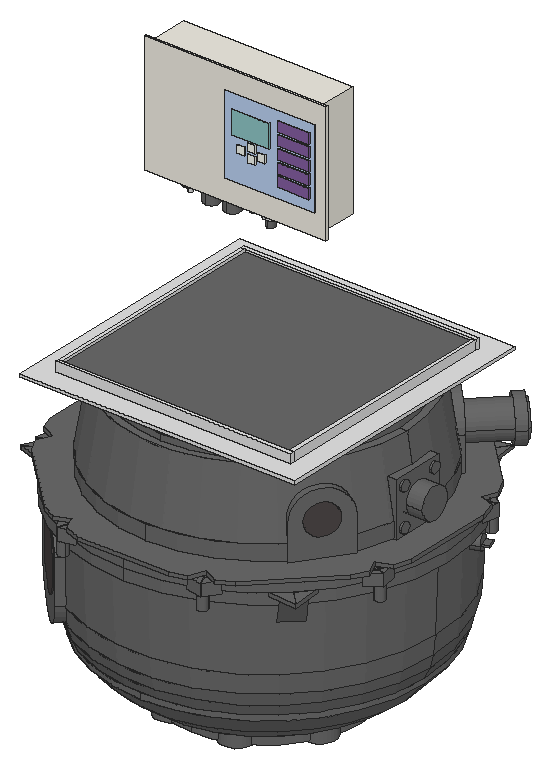
Revit family "280530s (200)", category Generic Models, Revit 2021
Family settings
  Can host rebar = No
  Round Connector Dimension = Use Diameter
  Part Type = Normal
  Work Plane-Based = No
  Always vertical = Yes
  Cut with Voids When Loaded = No
  Shared = Yes
  Room Calculation Point = No
Parameters (values of type "280530S")
  SUPPLIER = "KESSEL"
  SA700ID50 = "internal"
  SA700ID49 = "Protection Class I"
  SA700ID48 = "no"
  SA700ID47 = "no"
  SA700ID46 = "yes"
  SA700ID37 = 8000 mm
  SA700ID34 = 12
  SA700ID33 = 0.5 W
  SA700ID32 = 19.74 kg
  SA700ID31 = 1
  SA700ID30 = 2
  SA700ID29 = "RWDR"
  SA700ID21 = 800
  SA700ID10 = "No"
  SA700ID08 = 230 V
  PROCUREWEBLINK = "https://p.caden.as/kessel/280530S"
  PROCURELINK = "p.caden.as/kessel/280530S"
  PROCUREDATALASTUPDATE = "2024-05-22T12:17:25.95010823+01:00"
  PRC_SPECIFICATIONLINK = "https://ausschreiben.de/catalog/kessel/catalogItem/14b02e0f-33a5-4902-9f84-b3743318f167"
  NN = "Lifting station Aqualift S compact"
  NBSYN = "$SA810ID03. ($LODLEVEL.)"
  NB = "280530S (200)"
  Model = "280530S"
  Manufacturer = "KESSEL"
  MIdent = "{$CADENAS_DATA/23d-libs/kessel/kessel_vdi_import/4/entwaesserung/hebeanlage20aqualift20s20compact.prj},215 {STYP=ASS},{VTYP=3D},{NB=280530S (200)},{LINA=280530S},{NN=Lifting station Aqualift S compact},{DATE=21.11.2022 10:40:35},{GEOMDATE=21.11.2022 10:40:35},{VERSION=},{LINEID=20},{WBVAR=LODLEVEL},{WBNUMERIC=LODLEVEL}  {NB=280530S (200)},{LINA=280530S},{KT=DUMMY},{PREVIEW=../../bilder/ksb_w_280530s.png},{SA700ID04=Hebeanlage Aqualift S Compact, Duo, GTF 500, Bodenplatte},{SA810ID06=04026092082706},{SA700ID34=12.00},{SA010ID03=201805},{SA810ID03=280530S},{SA810ID10=Die steckerfertige Hebeanlage für fäkalienfreies Abwasser ist mit einer überflutbaren Pumpe sowie einem Rückflussverhinderer ausgestattet. Der Sammelbehälter aus dauerhaft beständigem Kunststoff (PE) besitzt einen offenen Pumpenraum. Einhandverschlüsse ermöglichen die einfache Entnahme der integrierten Komponenten. Die Anlage zum Einbau in die Bodenplatte ist vormontiert zur bauseitigen Endmontage.Die Steuerung erfolgt durch ein anwenderfreundliches Schaltgerät, das optional über einen potentialfreien Kontakt in die Gebäudeleittechnik eingebunden werden oder Alarm- und Sammelstörmeldungen über eine GSM-Schnittstelle ausgeben kann.- mit teleskopischem Aufsatzstück für stufenlosen Höhen- und Niveauausgleich und integriertem Bodenablauf- Sammelbehälter aus PE, beständig gegen aggressive Abwässer und 3 m Grundwasser- inklusive Rückflussverhinderer für die Druckleitung- inklusive Stutzen für Zulauf und Kabelleerrohr- Pumpe mit Freistromrad für höchste BetriebssicherheitAusführung:Anlagenart: DoppelanlagePumpensteuerung: SchaltgerätRückflussverhinderer: integriertAuslieferungszustand: installationsfertig (Verbindungsteile sind bauseits anzuschließen)Einbausituation: Einbau in die BodenplatteAbwasserart: fäkalienfreiAllgemeine Merkmale:Farbe: schwarzNorm: EN 12050-2Abmessungen:Länge: 617 mmBreite: 585 mmBehälter/Grundkörper:Zulauf Nennweite (DN): 100 mmDruckabgang (DN): 32 mmDruckabgang (DA): 40 mmEinbautiefe: 490 - 620 mmNutzvolumen: 20 lArt der Höhenverstellbarkeit: teleskopisches AufsatzstückAbdeckungsmerkmale:Abdeckungsart: Abdeckplatte mit SchlitzrostAbdeckung Material: KunststoffAbdeckung Farbe: schwarzBelastungsklasse: K 3 (EN 1253-1)Länge: 366 mmBreite: 366 mmVerriegelung: Lock & LiftFreier Kugeldurchgang: 10 mmFördereinrichtung:Pumpe: GTF 500Anzahl Pumpen: 2Förderleistung max.: 10 m3/hFörderhöhe max.: 8 mBetriebsspannung: 230 VNetzfrequenz: 50 HzBetriebsart: S1Leistung P1: 0,6 kWLeistung P2: 0,36 kWDrehzahl: 2.800 U/minErforderliche Absicherung (Leitungsschutz): C 16 AFörderguttemperatur (dauerhaft) max.: 40 °CAnschlusstyp: codierter SteckerLaufrad Typ: FreistromradLänge Netzanschlussleitung Pumpe: 5 mNennstrom: 2,7 ASchutzart Pumpe: IP 68 (3m)Typ Anschlussleitung Pumpe: H07RN-F 3G 1,0 mm2Temperaturüberwachung: integriertSteuerung:Schaltgerät: ComfortBetriebsspannung: 230 VNetzfrequenz: 50 HzSelbstdiagnosesystem (SDS): jaBatteriepufferung: jaMehrzeilige Displayanzeige: jaLogbuchfunktion: jaUSB-Schnittstelle: jaGSM-Schnittstelle: jaPotentialfreier Kontakt: optionalSchutzart Schaltgerät: IP 54Anschlusstyp: codierter SteckerLänge Netzanschlussleitung Schaltgerät: 1,4 mArt Niveauerfassung: pneumatischInstrument Niveauerfassung: TauchrohrAlarmgeber: optische Sonde},{SA700ID37=8.00},{SA700ID33=0.50},{SA700ID08=230},{SA700ID30=2},{SA700ID32=19.74},{SA700ID49=Schutzklasse I},{SA700ID50=intern},{SA200ID03=6},{SA250ID03=vertikal},{SA260ID03=Trockenläuferpumpe},{SA350ID03=normalansaugend},{SA400ID03=E-Motor für Wechselstrom},{SA460ID03=direkt},{SA500ID03=Kunststoff, Edelstahl},{SA700ID06=32},{SA700ID07=100},{SA700ID09=1/N/PE 230V },{SA700ID10=Nein},{SA700ID11=50},{SA700ID12=IP 68},{SA700ID13=F},{SA700ID15=35},{SA700ID21=800.00},{SA700ID22=0.36},{SA700ID23=2800},{SA700ID24=2800},{SA700ID26=2.50},{SA700ID27=6.90},{SA700ID28=durchgehend},{SA700ID29=RWDR},{SA700ID31=1},{SA700ID46=ja},{SA700ID47=nein},{SA700ID48=nein},{SA110ID04=Hebeanlage Aqualift S Compact},{SA300ID03=einstufig},{SA700ID44=10.00},{SA700ID45=10.00},{SA010ID04=KESSEL AG},{LODLEVEL=200},{LINK=https://www.kessel.de/info?han=280530S},{SA970ID01=970},{SA970ID02=14031},{SA970ID03=280530S},{SA970ID04=11002617},{SA970ID05=QUAD},{SA970ID06=-326},{SA970ID07=-291.04},{SA970ID08=0},{SA970ID09=1},{SA970ID10=0},{SA970ID11=0},{SA970ID12=0},{SA970ID13=1},{SA970ID14=0},{SA970ID15=617.04},{SA970ID16=582.09},{SA970ID17=506.5},{LODLEVEL_=200,'Low'},{LODLEVEL_DEU=200,'Low'},{LINK_=https://www.kessel.de/info?han=280530S},{LINK_DEU=https://www.kessel.de/info?han=280530S},{LODLEVEL_3DB=280530S_200},{DNIN1=100},{DNIN2=125},{DNIN3=100},{DNIN4=100},{DNOUT1=70},{DNOUT2=32},{ISD1=60},{ISD2=10},{ISD3=10},{SA010ID01=010},{SA010ID02=4},{SA010ID06=www.kessel.de},{SA010ID07=www.kessel.de},{SA010ID12=20180713},{SA010ID13=DEU},{SA010ID14=DE},{SA100ID01=100},{SA100ID02=4},{SA100ID04=Entwässerung},{SA110ID01=110},{SA110ID02=30},{SA200ID01=200},{SA200ID02=6},{SA250ID01=250},{SA250ID02=2},{SA260ID01=260},{SA260ID02=2},{SA300ID01=300},{SA300ID02=1},{SA350ID01=350},{SA350ID02=1},{SA400ID01=400},{SA400ID02=1},{SA460ID01=460},{SA460ID02=1},{SA500ID01=500},{SA500ID02=1},{SA700ID01=700},{SA700ID02=190},{SA700ID10_=0},{SA700ID16=0},{SA700ID25=0},{SA700ID46_=1},{SA700ID47_=0},{SA700ID48_=0},{SA700ID49_=1},{SA700ID50_=2},{SA800ID01=800},{SA800ID02=5},{SA810ID01=810},{SA810ID02=190},{SA810ID04=280530S},{SA810ID07=190},{SA810ID09=1},{SA810ID14=PCE},{SA810ID15=1},{SA810ID16=NMP},{SA960ID03=190},{SA960ID04=3L},{SA960ID08=https://www.kessel.de/info?han=280530S},{SA010ID08=4026092000007},{SA100ID05=Hebeanlage},{SA110ID06=Hebeanlage}"
  LINK = "https://www.kessel.de/info?han=280530S"
  LINA = "280530S"
  Default Elevation = 0 mm
  CREATOR = "CADENAS GmbH"
  CATALOG = "KESSEL"
  BOMINFO = "LINA"
  ARTICLENO = "NB"
  4.810.00.9 Order quantity (multiplicator) = "1"
  4.810.00.7 Media- connection number = "190"
  4.810.00.6 GTIN number = "04026092082706"
  4.810.00.4 DATANORM number = "280530S"
  4.810.00.3 Producer order number = "280530S"
  4.710.03.7 Mass (net) = 19.74 kg
  4.710.03.6 Height = 490 mm
  4.710.03.5 Width = 580 mm
  4.710.03.4 Length = 620 mm
  4.710.03.3 Type of dimensions = "2"
  4.710.02.8 Area of application of wastewater pump = "2"
  4.710.02.6 Duty type = "S1"
  4.710.02.5 Cutting device = "0"
  4.710.02.4 Attached pump control = "1"
  4.710.02.3 Free passage = 10 mm
  4.710.01.6 Option to connect to building automation = "10"
  4.710.01.5 Load regulation = "0"
  4.710.01.4 Designation of closed-loop control = "20"
  4.700.00.9 Voltage = 0
  4.700.00.8 Nominal connection size on suction side = "100"
  4.700.00.7 Nominal connection size on pressure side = "100"
  4.700.00.6 Type of connection = "32"
  4.700.00.4 Product indentification = "Hebeanlage Aqualift S Compact, Duo, GTF 500, Bodenplatte"
  4.700.00.28 Motor pump shaft = "durchgehend"
  4.700.00.27 Starting current = 6.9
  4.700.00.26 Maximum power consumption per pump / drive = 2.5
  4.700.00.25 Minimum speed at internal speed adjustment = 0
  4.700.00.24 Nominal speed / maximum speed n = 46.6667
  4.700.00.23 Nominal speed of motor = 46.6667
  4.700.00.22 Maximum shaft output (P2) per pump/drive = 0.36 W
  4.700.00.16 Maximum temperature of pumped medium = 0 °C
  4.700.00.15 Increased safety class = "35 °C"
  4.700.00.13 Type of protection = "F"
  4.700.00.12 Frequency = 0
  4.700.00.11 Stern-/Dreieck-Anlaufschaltung bei Dreiphasenanschluss oder Drehstrom = "50 Hz"
  4.700.00.10 Phase = "0"
  4.500.00.3 Variant / Variant type / Accessories-name = "Kunststoff, Edelstahl"
  4.460.00.3 Variant / Variant type / Accessories-name = "direkt"
  4.400.00.3 Variant / Variant type / Accessories-name = "E-Motor für Wechselstrom"
  4.350.00.3 Variant / Variant type / Accessories-name = "normalansaugend"
  4.300.00.3 Variant / Variant type / Accessories-name = "einstufig"
  4.260.00.3 Variant / Variant type / Accessories-name = "Trockenläuferpumpe"
  4.250.00.3 Variant / Variant type / Accessories-name = "vertikal"
  4.200.00.3 Variant / Variant type / Accessories-name = "6"
  4.110.00.6 Product classification = "Hebeanlage"
  4.110.00.4 Product indentification = "Hebeanlage Aqualift S Compact"
  4.100.00.5 Main groups of wares = "Hebeanlage"
  4.100.00.4 Product indentification = "Entwässerung"
  4.010.00.8 Producer ID number = "4026092000007"
  4.010.00.7 Comment = "www.kessel.de"
  4.010.00.6 Web address of the manufacturer = "www.kessel.de"
  4.010.00.4 Manufacturer name = "KESSEL AG"
  4.010.00.3 Date of issuance (month) of guideline = "201805"
  4.010.00.2 Sheet number of the guideline = "4"
  4.010.00.14 Kennungen der Projektländer, für die die Datei gültig ist = "DE"
  4.010.00.13 Sprache der Datei = "DEU"
  4.010.00.12 Stand des Herstellerkatalogs = "20180713"
Reference planes
  plane 1 "Center (Front/Back)": y = 0
  plane 2: z = 0
  plane 3 "Center (Left/Right)": x = 0
Dimensions and locks
  aligned and locked: level to plane 2
Nested families
  nested 1: "280530s (200)_content" at (0, 0, 0), type "280530S (200)_Content"
  nested 2: "280530s (200)_part1_X0Y0" at (-194, 244.5, 558), type "280530S_PART1_X0Y0"
  nested 3: "280530s (200)_part2_X0Y0" at (0, 0, 0), type "280530S_PART2_X0Y0"
Connectors
  piping at (-112, 217, 557.2), diameter 10
    settings: on nested 2, index 1, connector inside diameter 609.6 mm, connector length 0 mm, flow factor 0, pipe flow 0.0 L/s, pressure drop 0.0 Pa, fitting loss kfactor 0, connector angle 0.00°, fixture units 0, engagement length 0 mm, angle of deflection 0.00°, flow configuration 0, flow direction 2, fitting loss method 2, system type 29, joint type 0, gender type 0, connector reference index -1, connector utility 0, adjustable connector no, is connector primary yes, connector description ""
  electrical at (-298, 217, 518.5)
    settings: on nested 2, index 2, voltage 0 V, apparent load 0 VA, apparent load phase1 0 VA, apparent load phase2 0 VA, apparent load phase3 0 VA, power factor 1, load classification "Other", number of poles 1, system type 31, power factor state 1, is connector primary yes, connector utility no, sub classification motor no, connector description ""
  electrical at (-264, 217, 515.9)
    settings: on nested 2, index 3, voltage 0 V, apparent load 0 VA, apparent load phase1 0 VA, apparent load phase2 0 VA, apparent load phase3 0 VA, power factor 1, load classification "Other", number of poles 1, system type 31, power factor state 1, is connector primary no, connector utility no, sub classification motor no, connector description ""
  electrical at (-230, 217, 515.9)
    settings: on nested 2, index 4, voltage 0 V, apparent load 0 VA, apparent load phase1 0 VA, apparent load phase2 0 VA, apparent load phase3 0 VA, power factor 1, load classification "Other", number of poles 1, system type 31, power factor state 1, is connector primary no, connector utility no, sub classification motor no, connector description ""
  electrical at (-192, 217, 528.2)
    settings: on nested 2, index 5, voltage 0 V, apparent load 0 VA, apparent load phase1 0 VA, apparent load phase2 0 VA, apparent load phase3 0 VA, power factor 1, load classification "Other", number of poles 1, system type 31, power factor state 1, is connector primary no, connector utility no, sub classification motor no, connector description ""
  electrical at (-168, 217, 513.45)
    settings: on nested 2, index 6, voltage 0 V, apparent load 0 VA, apparent load phase1 0 VA, apparent load phase2 0 VA, apparent load phase3 0 VA, power factor 1, load classification "Other", number of poles 1, system type 31, power factor state 1, is connector primary no, connector utility no, sub classification motor no, connector description ""
  electrical at (-140, 217, 557.2)
    settings: on nested 2, index 7, voltage 0 V, apparent load 0 VA, apparent load phase1 0 VA, apparent load phase2 0 VA, apparent load phase3 0 VA, power factor 1, load classification "Other", number of poles 1, system type 31, power factor state 1, is connector primary no, connector utility no, sub classification motor no, connector description ""
  piping at (-326, 0, 209), diameter 125
    settings: on nested 3, index 8, connector inside diameter 609.6 mm, connector length 0 mm, flow factor 0, pipe flow 0.0 L/s, pressure drop 0.0 Pa, fitting loss kfactor 0, connector angle 0.00°, fixture units 0, engagement length 0 mm, angle of deflection 0.00°, flow configuration 0, flow direction 1, fitting loss method 2, system type 29, joint type 0, gender type 0, connector reference index -1, connector utility 0, adjustable connector no, is connector primary no, connector description ""
  piping at (-196.399, 196.399, 209), diameter 100
    settings: on nested 3, index 9, connector inside diameter 609.6 mm, connector length 0 mm, flow factor 0, pipe flow 0.0 L/s, pressure drop 0.0 Pa, fitting loss kfactor 0, connector angle 0.00°, fixture units 0, engagement length 0 mm, angle of deflection 0.00°, flow configuration 0, flow direction 0, fitting loss method 2, system type 29, joint type 0, gender type 0, connector reference index -1, connector utility 0, adjustable connector no, is connector primary no, connector description ""
  piping at (-196.399, -196.399, 209), diameter 100
    settings: on nested 3, index 10, connector inside diameter 609.6 mm, connector length 0 mm, flow factor 0, pipe flow 0.0 L/s, pressure drop 0.0 Pa, fitting loss kfactor 0, connector angle 0.00°, fixture units 0, engagement length 0 mm, angle of deflection 0.00°, flow configuration 0, flow direction 0, fitting loss method 2, system type 29, joint type 0, gender type 0, connector reference index -1, connector utility 0, adjustable connector no, is connector primary no, connector description ""
  piping at (-245.75, 0, 370), diameter 70
    settings: on nested 3, index 11, connector inside diameter 609.6 mm, connector length 0 mm, flow factor 0, pipe flow 0.0 L/s, pressure drop 0.0 Pa, fitting loss kfactor 0, connector angle 0.00°, fixture units 0, engagement length 0 mm, angle of deflection 0.00°, flow configuration 0, flow direction 0, fitting loss method 2, system type 29, joint type 0, gender type 0, connector reference index -1, connector utility 0, adjustable connector no, is connector primary no, connector description ""
  piping at (272.5, -3, 363.25), diameter 32
    settings: on nested 3, index 12, connector inside diameter 609.6 mm, connector length 0 mm, flow factor 0, pipe flow 0.0 L/s, pressure drop 0.0 Pa, fitting loss kfactor 0, connector angle 0.00°, fixture units 0, engagement length 0 mm, angle of deflection 0.00°, flow configuration 0, flow direction 2, fitting loss method 2, system type 29, joint type 0, gender type 0, connector reference index -1, connector utility 0, adjustable connector no, is connector primary no, connector description ""
  electrical at (241.378, 227.236, 376)
    settings: on nested 3, index 13, voltage 0 V, apparent load 0 VA, apparent load phase1 0 VA, apparent load phase2 0 VA, apparent load phase3 0 VA, power factor 1, load classification "Other", number of poles 1, system type 31, power factor state 1, is connector primary no, connector utility no, sub classification motor no, connector description ""
  electrical at (241.378, 227.236, 364)
    settings: on nested 3, index 14, voltage 0 V, apparent load 0 VA, apparent load phase1 0 VA, apparent load phase2 0 VA, apparent load phase3 0 VA, power factor 1, load classification "Other", number of poles 1, system type 31, power factor state 1, is connector primary no, connector utility no, sub classification motor no, connector description ""
  electrical at (227.236, 241.378, 376)
    settings: on nested 3, index 15, voltage 0 V, apparent load 0 VA, apparent load phase1 0 VA, apparent load phase2 0 VA, apparent load phase3 0 VA, power factor 1, load classification "Other", number of poles 1, system type 31, power factor state 1, is connector primary no, connector utility no, sub classification motor no, connector description ""
  electrical at (227.236, 241.378, 364)
    settings: on nested 3, index 16, voltage 0 V, apparent load 0 VA, apparent load phase1 0 VA, apparent load phase2 0 VA, apparent load phase3 0 VA, power factor 1, load classification "Other", number of poles 1, system type 31, power factor state 1, is connector primary no, connector utility no, sub classification motor no, connector description ""
Definition of nested family "280530s (200)_part1_X0Y0"
  Parameters (values of type "280530S_PART1_X0Y0")
    SUPPLIER = "KESSEL"
    SA700ID50 = "internal"
    SA700ID49 = "Protection Class I"
    SA700ID48 = "no"
    SA700ID47 = "no"
    SA700ID46 = "yes"
    SA700ID37 = 8000 mm
    SA700ID34 = 12
    SA700ID33 = 0.5 W
    SA700ID32 = 19.74 kg
    SA700ID31 = 1
    SA700ID30 = 2
    SA700ID29 = "RWDR"
    SA700ID21 = 800
    SA700ID10 = "No"
    SA700ID08 = 230 V
    NBSYN = "$SA810ID03. ($LODLEVEL.)_PART1"
    NB = "280530S (200)_PART1"
    Model = "280530S_PART1"
    Manufacturer = "KESSEL"
    MIdent = "{$CADENAS_DATA/23d-libs/kessel/kessel_vdi_import/4/entwaesserung/hebeanlage20aqualift20s20compact.prj},235 {VTYP=3D},{NB=280530S (200)_PART1},{LINA=280530S_PART1},{NN=Lifting station Aqualift S compact_PART1},{NOPRJ=TRUE},{DATE=21.11.2022 10:40:35},{GEOMDATE=21.11.2022 10:40:35},{VERSION=},{LINEID=20},{WBVAR=LODLEVEL},{WBNUMERIC=LODLEVEL}  {NB=280530S (200)_PART1},{LINA=280530S_PART1},{KT=DUMMY},{PREVIEW=../../bilder/ksb_w_280530s.png},{SA700ID04=Hebeanlage Aqualift S Compact, Duo, GTF 500, Bodenplatte},{SA810ID06=04026092082706},{SA700ID34=12.00},{SA010ID03=201805},{SA810ID03=280530S},{SA810ID10=Die steckerfertige Hebeanlage für fäkalienfreies Abwasser ist mit einer überflutbaren Pumpe sowie einem Rückflussverhinderer ausgestattet. Der Sammelbehälter aus dauerhaft beständigem Kunststoff (PE) besitzt einen offenen Pumpenraum. Einhandverschlüsse ermöglichen die einfache Entnahme der integrierten Komponenten. Die Anlage zum Einbau in die Bodenplatte ist vormontiert zur bauseitigen Endmontage.Die Steuerung erfolgt durch ein anwenderfreundliches Schaltgerät, das optional über einen potentialfreien Kontakt in die Gebäudeleittechnik eingebunden werden oder Alarm- und Sammelstörmeldungen über eine GSM-Schnittstelle ausgeben kann.- mit teleskopischem Aufsatzstück für stufenlosen Höhen- und Niveauausgleich und integriertem Bodenablauf- Sammelbehälter aus PE, beständig gegen aggressive Abwässer und 3 m Grundwasser- inklusive Rückflussverhinderer für die Druckleitung- inklusive Stutzen für Zulauf und Kabelleerrohr- Pumpe mit Freistromrad für höchste BetriebssicherheitAusführung:Anlagenart: DoppelanlagePumpensteuerung: SchaltgerätRückflussverhinderer: integriertAuslieferungszustand: installationsfertig (Verbindungsteile sind bauseits anzuschließen)Einbausituation: Einbau in die BodenplatteAbwasserart: fäkalienfreiAllgemeine Merkmale:Farbe: schwarzNorm: EN 12050-2Abmessungen:Länge: 617 mmBreite: 585 mmBehälter/Grundkörper:Zulauf Nennweite (DN): 100 mmDruckabgang (DN): 32 mmDruckabgang (DA): 40 mmEinbautiefe: 490 - 620 mmNutzvolumen: 20 lArt der Höhenverstellbarkeit: teleskopisches AufsatzstückAbdeckungsmerkmale:Abdeckungsart: Abdeckplatte mit SchlitzrostAbdeckung Material: KunststoffAbdeckung Farbe: schwarzBelastungsklasse: K 3 (EN 1253-1)Länge: 366 mmBreite: 366 mmVerriegelung: Lock & LiftFreier Kugeldurchgang: 10 mmFördereinrichtung:Pumpe: GTF 500Anzahl Pumpen: 2Förderleistung max.: 10 m3/hFörderhöhe max.: 8 mBetriebsspannung: 230 VNetzfrequenz: 50 HzBetriebsart: S1Leistung P1: 0,6 kWLeistung P2: 0,36 kWDrehzahl: 2.800 U/minErforderliche Absicherung (Leitungsschutz): C 16 AFörderguttemperatur (dauerhaft) max.: 40 °CAnschlusstyp: codierter SteckerLaufrad Typ: FreistromradLänge Netzanschlussleitung Pumpe: 5 mNennstrom: 2,7 ASchutzart Pumpe: IP 68 (3m)Typ Anschlussleitung Pumpe: H07RN-F 3G 1,0 mm2Temperaturüberwachung: integriertSteuerung:Schaltgerät: ComfortBetriebsspannung: 230 VNetzfrequenz: 50 HzSelbstdiagnosesystem (SDS): jaBatteriepufferung: jaMehrzeilige Displayanzeige: jaLogbuchfunktion: jaUSB-Schnittstelle: jaGSM-Schnittstelle: jaPotentialfreier Kontakt: optionalSchutzart Schaltgerät: IP 54Anschlusstyp: codierter SteckerLänge Netzanschlussleitung Schaltgerät: 1,4 mArt Niveauerfassung: pneumatischInstrument Niveauerfassung: TauchrohrAlarmgeber: optische Sonde},{SA700ID37=8.00},{SA700ID33=0.50},{SA700ID08=230},{SA700ID30=2},{SA700ID32=19.74},{SA700ID49=Schutzklasse I},{SA700ID50=intern},{SA200ID03=6},{SA250ID03=vertikal},{SA260ID03=Trockenläuferpumpe},{SA350ID03=normalansaugend},{SA400ID03=E-Motor für Wechselstrom},{SA460ID03=direkt},{SA500ID03=Kunststoff, Edelstahl},{SA700ID06=32},{SA700ID07=100},{SA700ID09=1/N/PE 230V },{SA700ID10=Nein},{SA700ID11=50},{SA700ID12=IP 68},{SA700ID13=F},{SA700ID15=35},{SA700ID21=800.00},{SA700ID22=0.36},{SA700ID23=2800},{SA700ID24=2800},{SA700ID26=2.50},{SA700ID27=6.90},{SA700ID28=durchgehend},{SA700ID29=RWDR},{SA700ID31=1},{SA700ID46=ja},{SA700ID47=nein},{SA700ID48=nein},{SA110ID04=Hebeanlage Aqualift S Compact},{SA300ID03=einstufig},{SA700ID44=10.00},{SA700ID45=10.00},{SA010ID04=KESSEL AG},{LODLEVEL=200},{LINK=https://www.kessel.de/info?han=280530S},{SA970ID01=970},{SA970ID02=14031},{SA970ID03=280530S},{SA970ID04=11002617},{SA970ID05=QUAD},{SA970ID06=-326},{SA970ID07=-291.04},{SA970ID08=0},{SA970ID09=1},{SA970ID10=0},{SA970ID11=0},{SA970ID12=0},{SA970ID13=1},{SA970ID14=0},{SA970ID15=617.04},{SA970ID16=582.09},{SA970ID17=506.5},{LODLEVEL_=200,'Low'},{LODLEVEL_DEU=200,'Low'},{LINK_=https://www.kessel.de/info?han=280530S},{LINK_DEU=https://www.kessel.de/info?han=280530S},{LODLEVEL_3DB=280530S_200},{DNIN1=100},{DNIN2=125},{DNIN3=100},{DNIN4=100},{DNOUT1=70},{DNOUT2=32},{ISD1=60},{ISD2=10},{ISD3=10},{SA010ID01=010},{SA010ID02=4},{SA010ID06=www.kessel.de},{SA010ID07=www.kessel.de},{SA010ID12=20180713},{SA010ID13=DEU},{SA010ID14=DE},{SA100ID01=100},{SA100ID02=4},{SA100ID04=Entwässerung},{SA110ID01=110},{SA110ID02=30},{SA200ID01=200},{SA200ID02=6},{SA250ID01=250},{SA250ID02=2},{SA260ID01=260},{SA260ID02=2},{SA300ID01=300},{SA300ID02=1},{SA350ID01=350},{SA350ID02=1},{SA400ID01=400},{SA400ID02=1},{SA460ID01=460},{SA460ID02=1},{SA500ID01=500},{SA500ID02=1},{SA700ID01=700},{SA700ID02=190},{SA700ID10_=0},{SA700ID16=0},{SA700ID25=0},{SA700ID46_=1},{SA700ID47_=0},{SA700ID48_=0},{SA700ID49_=1},{SA700ID50_=2},{SA800ID01=800},{SA800ID02=5},{SA810ID01=810},{SA810ID02=190},{SA810ID04=280530S},{SA810ID07=190},{SA810ID09=1},{SA810ID14=PCE},{SA810ID15=1},{SA810ID16=NMP},{SA960ID03=190},{SA960ID04=3L},{SA960ID08=https://www.kessel.de/info?han=280530S},{SA010ID08=4026092000007},{SA100ID05=Hebeanlage},{SA110ID06=Hebeanlage}"
    LINK = "https://www.kessel.de/info?han=280530S"
    LINA = "280530S_PART1"
    Default Elevation = 1219.2 mm
    CREATOR = "CADENAS GmbH"
    CATALOG = "KESSEL"
    BOMINFO = "LINA"
    ARTICLENO = "NB"
    4.810.00.9 Order quantity (multiplicator) = "1"
    4.810.00.7 Media- connection number = "190"
    4.810.00.6 GTIN number = "04026092082706"
    4.810.00.4 DATANORM number = "280530S"
    4.810.00.3 Producer order number = "280530S"
    4.710.03.7 Mass (net) = 19.74 kg
    4.710.03.6 Height = 490 mm
    4.710.03.5 Width = 580 mm
    4.710.03.4 Length = 620 mm
    4.710.03.3 Type of dimensions = "2"
    4.710.02.8 Area of application of wastewater pump = "2"
    4.710.02.6 Duty type = "S1"
    4.710.02.5 Cutting device = "0"
    4.710.02.4 Attached pump control = "1"
    4.710.02.3 Free passage = 10 mm
    4.710.01.6 Option to connect to building automation = "10"
    4.710.01.5 Load regulation = "0"
    4.710.01.4 Designation of closed-loop control = "20"
    4.700.00.9 Voltage = 0
    4.700.00.8 Nominal connection size on suction side = "100"
    4.700.00.7 Nominal connection size on pressure side = "100"
    4.700.00.6 Type of connection = "32"
    4.700.00.4 Product indentification = "Hebeanlage Aqualift S Compact, Duo, GTF 500, Bodenplatte"
    4.700.00.28 Motor pump shaft = "durchgehend"
    4.700.00.27 Starting current = 6.9
    4.700.00.26 Maximum power consumption per pump / drive = 2.5
    4.700.00.25 Minimum speed at internal speed adjustment = 0
    4.700.00.24 Nominal speed / maximum speed n = 46.6667
    4.700.00.23 Nominal speed of motor = 46.6667
    4.700.00.22 Maximum shaft output (P2) per pump/drive = 0.36 W
    4.700.00.16 Maximum temperature of pumped medium = 0 °C
    4.700.00.15 Increased safety class = "35 °C"
    4.700.00.13 Type of protection = "F"
    4.700.00.12 Frequency = 0
    4.700.00.11 Stern-/Dreieck-Anlaufschaltung bei Dreiphasenanschluss oder Drehstrom = "50 Hz"
    4.700.00.10 Phase = "0"
    4.500.00.3 Variant / Variant type / Accessories-name = "Kunststoff, Edelstahl"
    4.460.00.3 Variant / Variant type / Accessories-name = "direkt"
    4.400.00.3 Variant / Variant type / Accessories-name = "E-Motor für Wechselstrom"
    4.350.00.3 Variant / Variant type / Accessories-name = "normalansaugend"
    4.300.00.3 Variant / Variant type / Accessories-name = "einstufig"
    4.260.00.3 Variant / Variant type / Accessories-name = "Trockenläuferpumpe"
    4.250.00.3 Variant / Variant type / Accessories-name = "vertikal"
    4.200.00.3 Variant / Variant type / Accessories-name = "6"
    4.110.00.6 Product classification = "Hebeanlage"
    4.110.00.4 Product indentification = "Hebeanlage Aqualift S Compact"
    4.100.00.5 Main groups of wares = "Hebeanlage"
    4.100.00.4 Product indentification = "Entwässerung"
    4.010.00.8 Producer ID number = "4026092000007"
    4.010.00.7 Comment = "www.kessel.de"
    4.010.00.6 Web address of the manufacturer = "www.kessel.de"
    4.010.00.4 Manufacturer name = "KESSEL AG"
    4.010.00.3 Date of issuance (month) of guideline = "201805"
    4.010.00.2 Sheet number of the guideline = "4"
    4.010.00.14 Kennungen der Projektländer, für die die Datei gültig ist = "DE"
    4.010.00.13 Sprache der Datei = "DEU"
    4.010.00.12 Stand des Herstellerkatalogs = "20180713"
  Reference planes
    plane 1 "Center (Front/Back)": y = 0
    plane 2: z = 0
    plane 3 "Center (Left/Right)": x = 0
  Dimensions and locks
    aligned and locked: level to plane 2
  Nested families
    nested 1: "280530s (200)_part1_content" at (0, 0, 0), type "280530S (200)_PART1_Content"
  Definition of nested family "280530s (200)_part1_content"
    Parameters (values of type "280530S (200)_PART1_Content")
      SUPPLIER = "KESSEL"
      SA700ID50 = "internal"
      SA700ID49 = "Protection Class I"
      SA700ID48 = "no"
      SA700ID47 = "no"
      SA700ID46 = "yes"
      SA700ID37 = 8000 mm
      SA700ID34 = 12
      SA700ID33 = 0.5 W
      SA700ID32 = 19.74 kg
      SA700ID31 = 1
      SA700ID30 = 2
      SA700ID29 = "RWDR"
      SA700ID21 = 800
      SA700ID10 = "No"
      SA700ID08 = 230 V
      NBSYN = "$SA810ID03. ($LODLEVEL.)_PART1"
      NB = "280530S (200)_PART1"
      Model = "280530S_PART1"
      Manufacturer = "KESSEL"
      LINK = "https://www.kessel.de/info?han=280530S"
      LINA = "280530S_PART1"
      Default Elevation = 1219.2 mm
      CREATOR = "CADENAS GmbH"
      CATALOG = "KESSEL"
      BOMINFO = "LINA"
      ARTICLENO = "NB"
      4.810.00.9 Order quantity (multiplicator) = "1"
      4.810.00.7 Media- connection number = "190"
      4.810.00.6 GTIN number = "04026092082706"
      4.810.00.4 DATANORM number = "280530S"
      4.810.00.3 Producer order number = "280530S"
      4.710.03.7 Mass (net) = 19.74 kg
      4.710.03.6 Height = 490 mm
      4.710.03.5 Width = 580 mm
      4.710.03.4 Length = 620 mm
      4.710.03.3 Type of dimensions = "2"
      4.710.02.8 Area of application of wastewater pump = "2"
      4.710.02.6 Duty type = "S1"
      4.710.02.5 Cutting device = "0"
      4.710.02.4 Attached pump control = "1"
      4.710.02.3 Free passage = 10 mm
      4.710.01.6 Option to connect to building automation = "10"
      4.710.01.5 Load regulation = "0"
      4.710.01.4 Designation of closed-loop control = "20"
      4.700.00.9 Voltage = 0
      4.700.00.8 Nominal connection size on suction side = "100"
      4.700.00.7 Nominal connection size on pressure side = "100"
      4.700.00.6 Type of connection = "32"
      4.700.00.4 Product indentification = "Hebeanlage Aqualift S Compact, Duo, GTF 500, Bodenplatte"
      4.700.00.28 Motor pump shaft = "durchgehend"
      4.700.00.27 Starting current = 6.9
      4.700.00.26 Maximum power consumption per pump / drive = 2.5
      4.700.00.25 Minimum speed at internal speed adjustment = 0
      4.700.00.24 Nominal speed / maximum speed n = 46.6667
      4.700.00.23 Nominal speed of motor = 46.6667
      4.700.00.22 Maximum shaft output (P2) per pump/drive = 0.36 W
      4.700.00.16 Maximum temperature of pumped medium = 0 °C
      4.700.00.15 Increased safety class = "35 °C"
      4.700.00.13 Type of protection = "F"
      4.700.00.12 Frequency = 0
      4.700.00.11 Stern-/Dreieck-Anlaufschaltung bei Dreiphasenanschluss oder Drehstrom = "50 Hz"
      4.700.00.10 Phase = "0"
      4.500.00.3 Variant / Variant type / Accessories-name = "Kunststoff, Edelstahl"
      4.460.00.3 Variant / Variant type / Accessories-name = "direkt"
      4.400.00.3 Variant / Variant type / Accessories-name = "E-Motor für Wechselstrom"
      4.350.00.3 Variant / Variant type / Accessories-name = "normalansaugend"
      4.300.00.3 Variant / Variant type / Accessories-name = "einstufig"
      4.260.00.3 Variant / Variant type / Accessories-name = "Trockenläuferpumpe"
      4.250.00.3 Variant / Variant type / Accessories-name = "vertikal"
      4.200.00.3 Variant / Variant type / Accessories-name = "6"
      4.110.00.6 Product classification = "Hebeanlage"
      4.110.00.4 Product indentification = "Hebeanlage Aqualift S Compact"
      4.100.00.5 Main groups of wares = "Hebeanlage"
      4.100.00.4 Product indentification = "Entwässerung"
      4.010.00.8 Producer ID number = "4026092000007"
      4.010.00.7 Comment = "www.kessel.de"
      4.010.00.6 Web address of the manufacturer = "www.kessel.de"
      4.010.00.4 Manufacturer name = "KESSEL AG"
      4.010.00.3 Date of issuance (month) of guideline = "201805"
      4.010.00.2 Sheet number of the guideline = "4"
      4.010.00.14 Kennungen der Projektländer, für die die Datei gültig ist = "DE"
      4.010.00.13 Sprache der Datei = "DEU"
      4.010.00.12 Stand des Herstellerkatalogs = "20180713"
    Reference planes
      plane 1 "Center (Front/Back)": y = 0
      plane 2: z = 0
      plane 3 "Center (Left/Right)": x = 0
    Forms (mm)
      Extrusion 1, solid, detail levels medium+fine
        sketch origin (49.8, -68, 72.2) x (0, -1, 0) y (0, 0, 1)
          loop
            line (-0.5, 12) -> (-0.5, 0) -> (1, 0) -> (1, 12) -> (-0.5, 12)
        from 0 to 12
      Extrusion 2, solid, detail levels medium+fine
        sketch origin (129.3, -67, 28.2) x (0, -1, 0) y (0, 0, 1)
          loop
            line (-0.5, 127) -> (-0.5, 0) -> (1, 0) -> (1, 127) -> (-0.5, 127)
        from 0 to 146
      Extrusion 3, solid, detail levels medium+fine
        sketch origin (33.3, -68, 80.45) x (0, -1, 0) y (0, 0, 1)
          loop
            line (-0.5, 12) -> (-0.5, 0) -> (1, 0) -> (1, 12) -> (-0.5, 12)
        from 0 to 12
      Extrusion 4, solid, detail levels medium+fine
        sketch origin (33.3, -68, 63.95) x (0, -1, 0) y (0, 0, 1)
          loop
            line (-0.5, 12) -> (-0.5, 0) -> (1, 0) -> (1, 12) -> (-0.5, 12)
        from 0 to 12
      Extrusion 5, solid, detail levels medium+fine
        sketch origin (56.3, -68, 95.45) x (0, -1, 0) y (0, 0, 1)
          loop
            line (-0.5, 37) -> (-0.5, 0) -> (1, 0) -> (1, 37) -> (-0.5, 37)
        from 0 to 60
      Extrusion 6, solid, detail levels medium+fine
        sketch origin (121.8, -68, 85.7) x (0, -1, 0) y (0, 0, 1)
          loop
            line (0, 16) -> (0, 0) -> (2, 0) -> (2, 16) -> (0, 16)
        from 0 to 51
      Extrusion 7, solid, detail levels medium+fine
        sketch origin (121.8, -68, 65.7) x (0, -1, 0) y (0, 0, 1)
          loop
            line (0, 16) -> (0, 0) -> (2, 0) -> (2, 16) -> (0, 16)
        from 0 to 51
      Extrusion 8, solid, detail levels medium+fine
        sketch origin (121.8, -68, 105.7) x (0, -1, 0) y (0, 0, 1)
          loop
            line (0, 16) -> (0, 0) -> (2, 0) -> (2, 16) -> (0, 16)
        from 0 to 51
      Extrusion 9, solid, detail levels medium+fine
        sketch origin (16.8, -68, 72.2) x (0, -1, 0) y (0, 0, 1)
          loop
            line (-0.5, 12) -> (-0.5, 0) -> (1, 0) -> (1, 12) -> (-0.5, 12)
        from 0 to 12
      Extrusion 10, solid, detail levels medium+fine
        sketch origin (121.8, -68, 45.7) x (0, -1, 0) y (0, 0, 1)
          loop
            line (0, 16) -> (0, 0) -> (2, 0) -> (2, 16) -> (0, 16)
        from 0 to 51
      Extrusion 11, solid, detail levels medium+fine
        sketch origin (147, -63.5, -7) x (0, -1, 0) y (0, 0, 1)
          loop
            line (0, 194) -> (0, 0) -> (3.5, 0) -> (3.5, 194) -> (0, 194)
        from 0 to 294
      Extrusion 12, solid, detail levels medium+fine
        sketch origin (136.25, 0, 0) x (0, -1, 0) y (0, 0, 1)
          loop
            line (0, 184) -> (0, 0) -> (63.5, 0) -> (63.5, 184) -> (0, 184)
        from 0 to 272.5
      Extrusion 13, solid, detail levels medium+fine
        sketch origin (121.75, -68, 125.75) x (0, -1, 0) y (0, 0, 1)
          loop
            line (0, 16) -> (0, 0) -> (2, 0) -> (2, 16) -> (0, 16)
        from 0 to 51
      Extrusion 14, solid, detail levels medium+fine
        sketch origin (26, -27.5, 0) x (1, 0, 0) y (0, -1, 0)
          loop
            circle (0, 0) r 11
        from 0 to 11
      Extrusion 15, solid, detail levels medium+fine
        sketch origin (26, -27.5, -11) x (1, 0, 0) y (0, -1, 0)
          loop
            circle (0, 0) r 11
        from 0 to 19.8
      Extrusion 16, solid, detail levels medium+fine
        sketch origin (26, -27.5, -29.8) x (1, 0, 0) y (0, -1, 0)
          loop
            circle (0, 0) r 6
        from 0 to 14.75
      Extrusion 17, solid, detail levels medium+fine
        sketch origin (2, -27.5, 0) x (1, 0, 0) y (0, -1, 0)
          loop
            circle (0, 0) r 11
        from 0 to 20
      Extrusion 18, solid, detail levels medium+fine
        sketch origin (2, -27.5, -20) x (1, 0, 0) y (0, -1, 0)
          loop
            circle (0, 0) r 8.65
        from 0 to 9.8
      Extrusion 19, solid, detail levels medium+fine
        sketch origin (-36, -27.5, 0) x (1, 0, 0) y (0, -1, 0)
          loop
            circle (0, 0) r 12
        from 0 to 15
      Extrusion 20, solid, detail levels medium+fine
        sketch origin (-36, -27.5, -15) x (1, 0, 0) y (0, -1, 0)
          loop
            circle (0, 0) r 11.75
        from 0 to 27.1
      Extrusion 21, solid, detail levels medium+fine
        sketch origin (54, -27.5, 2) x (1, 0, 0) y (0, -1, 0)
          loop
            circle (0, 0) r 10
        from 0 to 2.8
      Extrusion 22, solid, detail levels medium+fine
        sketch origin (-70, -27.5, 0) x (1, 0, 0) y (0, -1, 0)
          loop
            circle (0, 0) r 12
        from 0 to 15
      Extrusion 23, solid, detail levels medium+fine
        sketch origin (-70, -27.5, -15) x (1, 0, 0) y (0, -1, 0)
          loop
            circle (0, 0) r 11.75
        from 0 to 27.1
      Extrusion 24, solid, detail levels medium+fine
        sketch origin (82, -27.5, 2) x (1, 0, 0) y (0, -1, 0)
          loop
            circle (0, 0) r 10
        from 0 to 2.8
      Extrusion 25, solid, detail levels medium+fine
        sketch origin (-104, -27.5, 0) x (1, 0, 0) y (0, -1, 0)
          loop
            circle (0, 0) r 10
        from 0 to 9
      Extrusion 26, solid, detail levels medium+fine
        sketch origin (-104, -27.5, -9) x (1, 0, 0) y (0, -1, 0)
          loop
            circle (0, 0) r 11
        from 0 to 20.5
      Extrusion 27, solid, detail levels medium+fine
        sketch origin (-104, -27.5, -29.5) x (1, 0, 0) y (0, -1, 0)
          loop
            circle (0, 0) r 3
        from 0 to 10
      Extrusion 28, solid, detail levels medium+fine
        sketch origin (110, -27.5, 1.2) x (1, 0, 0) y (0, -1, 0)
          loop
            circle (0, 0) r 13.5
        from 0 to 2.8
      Extrusion 29, solid, detail levels coarse
        sketch origin (0, -35, -44.55) x (1, 0, 0) y (0, 1, 0)
          loop
            line (-147, -35) -> (147, -35) -> (147, 35) -> (-147, 35) -> (-147, -35)
        from 0 to 231.55
    Dimensions and locks
      aligned and locked: level to plane 2
Definition of nested family "280530s (200)_part2_X0Y0"
  Parameters (values of type "280530S_PART2_X0Y0")
    SUPPLIER = "KESSEL"
    SA700ID50 = "internal"
    SA700ID49 = "Protection Class I"
    SA700ID48 = "no"
    SA700ID47 = "no"
    SA700ID46 = "yes"
    SA700ID37 = 8000 mm
    SA700ID34 = 12
    SA700ID33 = 0.5 W
    SA700ID32 = 19.74 kg
    SA700ID31 = 1
    SA700ID30 = 2
    SA700ID29 = "RWDR"
    SA700ID21 = 800
    SA700ID10 = "No"
    SA700ID08 = 230 V
    NBSYN = "$SA810ID03. ($LODLEVEL.)_PART2"
    NB = "280530S (200)_PART2"
    Model = "280530S_PART2"
    Manufacturer = "KESSEL"
    MIdent = "{$CADENAS_DATA/23d-libs/kessel/kessel_vdi_import/4/entwaesserung/hebeanlage20aqualift20s20compact.prj},235 {VTYP=3D},{NB=280530S (200)_PART2},{LINA=280530S_PART2},{NN=Lifting station Aqualift S compact_PART2},{NOPRJ=TRUE},{DATE=21.11.2022 10:40:35},{GEOMDATE=21.11.2022 10:40:35},{VERSION=},{LINEID=20},{WBVAR=LODLEVEL},{WBNUMERIC=LODLEVEL}  {NB=280530S (200)_PART2},{LINA=280530S_PART2},{KT=DUMMY},{PREVIEW=../../bilder/ksb_w_280530s.png},{SA700ID04=Hebeanlage Aqualift S Compact, Duo, GTF 500, Bodenplatte},{SA810ID06=04026092082706},{SA700ID34=12.00},{SA010ID03=201805},{SA810ID03=280530S},{SA810ID10=Die steckerfertige Hebeanlage für fäkalienfreies Abwasser ist mit einer überflutbaren Pumpe sowie einem Rückflussverhinderer ausgestattet. Der Sammelbehälter aus dauerhaft beständigem Kunststoff (PE) besitzt einen offenen Pumpenraum. Einhandverschlüsse ermöglichen die einfache Entnahme der integrierten Komponenten. Die Anlage zum Einbau in die Bodenplatte ist vormontiert zur bauseitigen Endmontage.Die Steuerung erfolgt durch ein anwenderfreundliches Schaltgerät, das optional über einen potentialfreien Kontakt in die Gebäudeleittechnik eingebunden werden oder Alarm- und Sammelstörmeldungen über eine GSM-Schnittstelle ausgeben kann.- mit teleskopischem Aufsatzstück für stufenlosen Höhen- und Niveauausgleich und integriertem Bodenablauf- Sammelbehälter aus PE, beständig gegen aggressive Abwässer und 3 m Grundwasser- inklusive Rückflussverhinderer für die Druckleitung- inklusive Stutzen für Zulauf und Kabelleerrohr- Pumpe mit Freistromrad für höchste BetriebssicherheitAusführung:Anlagenart: DoppelanlagePumpensteuerung: SchaltgerätRückflussverhinderer: integriertAuslieferungszustand: installationsfertig (Verbindungsteile sind bauseits anzuschließen)Einbausituation: Einbau in die BodenplatteAbwasserart: fäkalienfreiAllgemeine Merkmale:Farbe: schwarzNorm: EN 12050-2Abmessungen:Länge: 617 mmBreite: 585 mmBehälter/Grundkörper:Zulauf Nennweite (DN): 100 mmDruckabgang (DN): 32 mmDruckabgang (DA): 40 mmEinbautiefe: 490 - 620 mmNutzvolumen: 20 lArt der Höhenverstellbarkeit: teleskopisches AufsatzstückAbdeckungsmerkmale:Abdeckungsart: Abdeckplatte mit SchlitzrostAbdeckung Material: KunststoffAbdeckung Farbe: schwarzBelastungsklasse: K 3 (EN 1253-1)Länge: 366 mmBreite: 366 mmVerriegelung: Lock & LiftFreier Kugeldurchgang: 10 mmFördereinrichtung:Pumpe: GTF 500Anzahl Pumpen: 2Förderleistung max.: 10 m3/hFörderhöhe max.: 8 mBetriebsspannung: 230 VNetzfrequenz: 50 HzBetriebsart: S1Leistung P1: 0,6 kWLeistung P2: 0,36 kWDrehzahl: 2.800 U/minErforderliche Absicherung (Leitungsschutz): C 16 AFörderguttemperatur (dauerhaft) max.: 40 °CAnschlusstyp: codierter SteckerLaufrad Typ: FreistromradLänge Netzanschlussleitung Pumpe: 5 mNennstrom: 2,7 ASchutzart Pumpe: IP 68 (3m)Typ Anschlussleitung Pumpe: H07RN-F 3G 1,0 mm2Temperaturüberwachung: integriertSteuerung:Schaltgerät: ComfortBetriebsspannung: 230 VNetzfrequenz: 50 HzSelbstdiagnosesystem (SDS): jaBatteriepufferung: jaMehrzeilige Displayanzeige: jaLogbuchfunktion: jaUSB-Schnittstelle: jaGSM-Schnittstelle: jaPotentialfreier Kontakt: optionalSchutzart Schaltgerät: IP 54Anschlusstyp: codierter SteckerLänge Netzanschlussleitung Schaltgerät: 1,4 mArt Niveauerfassung: pneumatischInstrument Niveauerfassung: TauchrohrAlarmgeber: optische Sonde},{SA700ID37=8.00},{SA700ID33=0.50},{SA700ID08=230},{SA700ID30=2},{SA700ID32=19.74},{SA700ID49=Schutzklasse I},{SA700ID50=intern},{SA200ID03=6},{SA250ID03=vertikal},{SA260ID03=Trockenläuferpumpe},{SA350ID03=normalansaugend},{SA400ID03=E-Motor für Wechselstrom},{SA460ID03=direkt},{SA500ID03=Kunststoff, Edelstahl},{SA700ID06=32},{SA700ID07=100},{SA700ID09=1/N/PE 230V },{SA700ID10=Nein},{SA700ID11=50},{SA700ID12=IP 68},{SA700ID13=F},{SA700ID15=35},{SA700ID21=800.00},{SA700ID22=0.36},{SA700ID23=2800},{SA700ID24=2800},{SA700ID26=2.50},{SA700ID27=6.90},{SA700ID28=durchgehend},{SA700ID29=RWDR},{SA700ID31=1},{SA700ID46=ja},{SA700ID47=nein},{SA700ID48=nein},{SA110ID04=Hebeanlage Aqualift S Compact},{SA300ID03=einstufig},{SA700ID44=10.00},{SA700ID45=10.00},{SA010ID04=KESSEL AG},{LODLEVEL=200},{LINK=https://www.kessel.de/info?han=280530S},{SA970ID01=970},{SA970ID02=14031},{SA970ID03=280530S},{SA970ID04=11002617},{SA970ID05=QUAD},{SA970ID06=-326},{SA970ID07=-291.04},{SA970ID08=0},{SA970ID09=1},{SA970ID10=0},{SA970ID11=0},{SA970ID12=0},{SA970ID13=1},{SA970ID14=0},{SA970ID15=617.04},{SA970ID16=582.09},{SA970ID17=506.5},{LODLEVEL_=200,'Low'},{LODLEVEL_DEU=200,'Low'},{LINK_=https://www.kessel.de/info?han=280530S},{LINK_DEU=https://www.kessel.de/info?han=280530S},{LODLEVEL_3DB=280530S_200},{DNIN1=100},{DNIN2=125},{DNIN3=100},{DNIN4=100},{DNOUT1=70},{DNOUT2=32},{ISD1=60},{ISD2=10},{ISD3=10},{SA010ID01=010},{SA010ID02=4},{SA010ID06=www.kessel.de},{SA010ID07=www.kessel.de},{SA010ID12=20180713},{SA010ID13=DEU},{SA010ID14=DE},{SA100ID01=100},{SA100ID02=4},{SA100ID04=Entwässerung},{SA110ID01=110},{SA110ID02=30},{SA200ID01=200},{SA200ID02=6},{SA250ID01=250},{SA250ID02=2},{SA260ID01=260},{SA260ID02=2},{SA300ID01=300},{SA300ID02=1},{SA350ID01=350},{SA350ID02=1},{SA400ID01=400},{SA400ID02=1},{SA460ID01=460},{SA460ID02=1},{SA500ID01=500},{SA500ID02=1},{SA700ID01=700},{SA700ID02=190},{SA700ID10_=0},{SA700ID16=0},{SA700ID25=0},{SA700ID46_=1},{SA700ID47_=0},{SA700ID48_=0},{SA700ID49_=1},{SA700ID50_=2},{SA800ID01=800},{SA800ID02=5},{SA810ID01=810},{SA810ID02=190},{SA810ID04=280530S},{SA810ID07=190},{SA810ID09=1},{SA810ID14=PCE},{SA810ID15=1},{SA810ID16=NMP},{SA960ID03=190},{SA960ID04=3L},{SA960ID08=https://www.kessel.de/info?han=280530S},{SA010ID08=4026092000007},{SA100ID05=Hebeanlage},{SA110ID06=Hebeanlage}"
    LINK = "https://www.kessel.de/info?han=280530S"
    LINA = "280530S_PART2"
    Default Elevation = 1219.2 mm
    CREATOR = "CADENAS GmbH"
    CATALOG = "KESSEL"
    BOMINFO = "LINA"
    ARTICLENO = "NB"
    4.810.00.9 Order quantity (multiplicator) = "1"
    4.810.00.7 Media- connection number = "190"
    4.810.00.6 GTIN number = "04026092082706"
    4.810.00.4 DATANORM number = "280530S"
    4.810.00.3 Producer order number = "280530S"
    4.710.03.7 Mass (net) = 19.74 kg
    4.710.03.6 Height = 490 mm
    4.710.03.5 Width = 580 mm
    4.710.03.4 Length = 620 mm
    4.710.03.3 Type of dimensions = "2"
    4.710.02.8 Area of application of wastewater pump = "2"
    4.710.02.6 Duty type = "S1"
    4.710.02.5 Cutting device = "0"
    4.710.02.4 Attached pump control = "1"
    4.710.02.3 Free passage = 10 mm
    4.710.01.6 Option to connect to building automation = "10"
    4.710.01.5 Load regulation = "0"
    4.710.01.4 Designation of closed-loop control = "20"
    4.700.00.9 Voltage = 0
    4.700.00.8 Nominal connection size on suction side = "100"
    4.700.00.7 Nominal connection size on pressure side = "100"
    4.700.00.6 Type of connection = "32"
    4.700.00.4 Product indentification = "Hebeanlage Aqualift S Compact, Duo, GTF 500, Bodenplatte"
    4.700.00.28 Motor pump shaft = "durchgehend"
    4.700.00.27 Starting current = 6.9
    4.700.00.26 Maximum power consumption per pump / drive = 2.5
    4.700.00.25 Minimum speed at internal speed adjustment = 0
    4.700.00.24 Nominal speed / maximum speed n = 46.6667
    4.700.00.23 Nominal speed of motor = 46.6667
    4.700.00.22 Maximum shaft output (P2) per pump/drive = 0.36 W
    4.700.00.16 Maximum temperature of pumped medium = 0 °C
    4.700.00.15 Increased safety class = "35 °C"
    4.700.00.13 Type of protection = "F"
    4.700.00.12 Frequency = 0
    4.700.00.11 Stern-/Dreieck-Anlaufschaltung bei Dreiphasenanschluss oder Drehstrom = "50 Hz"
    4.700.00.10 Phase = "0"
    4.500.00.3 Variant / Variant type / Accessories-name = "Kunststoff, Edelstahl"
    4.460.00.3 Variant / Variant type / Accessories-name = "direkt"
    4.400.00.3 Variant / Variant type / Accessories-name = "E-Motor für Wechselstrom"
    4.350.00.3 Variant / Variant type / Accessories-name = "normalansaugend"
    4.300.00.3 Variant / Variant type / Accessories-name = "einstufig"
    4.260.00.3 Variant / Variant type / Accessories-name = "Trockenläuferpumpe"
    4.250.00.3 Variant / Variant type / Accessories-name = "vertikal"
    4.200.00.3 Variant / Variant type / Accessories-name = "6"
    4.110.00.6 Product classification = "Hebeanlage"
    4.110.00.4 Product indentification = "Hebeanlage Aqualift S Compact"
    4.100.00.5 Main groups of wares = "Hebeanlage"
    4.100.00.4 Product indentification = "Entwässerung"
    4.010.00.8 Producer ID number = "4026092000007"
    4.010.00.7 Comment = "www.kessel.de"
    4.010.00.6 Web address of the manufacturer = "www.kessel.de"
    4.010.00.4 Manufacturer name = "KESSEL AG"
    4.010.00.3 Date of issuance (month) of guideline = "201805"
    4.010.00.2 Sheet number of the guideline = "4"
    4.010.00.14 Kennungen der Projektländer, für die die Datei gültig ist = "DE"
    4.010.00.13 Sprache der Datei = "DEU"
    4.010.00.12 Stand des Herstellerkatalogs = "20180713"
  Reference planes
    plane 1 "Center (Front/Back)": y = 0
    plane 2: z = 0
    plane 3 "Center (Left/Right)": x = 0
  Dimensions and locks
    aligned and locked: level to plane 2
  Nested families
    nested 1: "280530s (200)_part2_content" at (0, 0, 0), type "280530S (200)_PART2_Content"
  Definition of nested family "280530s (200)_part2_content"
    Parameters (values of type "280530S (200)_PART2_Content")
      SUPPLIER = "KESSEL"
      SA700ID50 = "internal"
      SA700ID49 = "Protection Class I"
      SA700ID48 = "no"
      SA700ID47 = "no"
      SA700ID46 = "yes"
      SA700ID37 = 8000 mm
      SA700ID34 = 12
      SA700ID33 = 0.5 W
      SA700ID32 = 19.74 kg
      SA700ID31 = 1
      SA700ID30 = 2
      SA700ID29 = "RWDR"
      SA700ID21 = 800
      SA700ID10 = "No"
      SA700ID08 = 230 V
      NBSYN = "$SA810ID03. ($LODLEVEL.)_PART2"
      NB = "280530S (200)_PART2"
      Model = "280530S_PART2"
      Manufacturer = "KESSEL"
      LINK = "https://www.kessel.de/info?han=280530S"
      LINA = "280530S_PART2"
      Default Elevation = 1219.2 mm
      CREATOR = "CADENAS GmbH"
      CATALOG = "KESSEL"
      BOMINFO = "LINA"
      ARTICLENO = "NB"
      4.810.00.9 Order quantity (multiplicator) = "1"
      4.810.00.7 Media- connection number = "190"
      4.810.00.6 GTIN number = "04026092082706"
      4.810.00.4 DATANORM number = "280530S"
      4.810.00.3 Producer order number = "280530S"
      4.710.03.7 Mass (net) = 19.74 kg
      4.710.03.6 Height = 490 mm
      4.710.03.5 Width = 580 mm
      4.710.03.4 Length = 620 mm
      4.710.03.3 Type of dimensions = "2"
      4.710.02.8 Area of application of wastewater pump = "2"
      4.710.02.6 Duty type = "S1"
      4.710.02.5 Cutting device = "0"
      4.710.02.4 Attached pump control = "1"
      4.710.02.3 Free passage = 10 mm
      4.710.01.6 Option to connect to building automation = "10"
      4.710.01.5 Load regulation = "0"
      4.710.01.4 Designation of closed-loop control = "20"
      4.700.00.9 Voltage = 0
      4.700.00.8 Nominal connection size on suction side = "100"
      4.700.00.7 Nominal connection size on pressure side = "100"
      4.700.00.6 Type of connection = "32"
      4.700.00.4 Product indentification = "Hebeanlage Aqualift S Compact, Duo, GTF 500, Bodenplatte"
      4.700.00.28 Motor pump shaft = "durchgehend"
      4.700.00.27 Starting current = 6.9
      4.700.00.26 Maximum power consumption per pump / drive = 2.5
      4.700.00.25 Minimum speed at internal speed adjustment = 0
      4.700.00.24 Nominal speed / maximum speed n = 46.6667
      4.700.00.23 Nominal speed of motor = 46.6667
      4.700.00.22 Maximum shaft output (P2) per pump/drive = 0.36 W
      4.700.00.16 Maximum temperature of pumped medium = 0 °C
      4.700.00.15 Increased safety class = "35 °C"
      4.700.00.13 Type of protection = "F"
      4.700.00.12 Frequency = 0
      4.700.00.11 Stern-/Dreieck-Anlaufschaltung bei Dreiphasenanschluss oder Drehstrom = "50 Hz"
      4.700.00.10 Phase = "0"
      4.500.00.3 Variant / Variant type / Accessories-name = "Kunststoff, Edelstahl"
      4.460.00.3 Variant / Variant type / Accessories-name = "direkt"
      4.400.00.3 Variant / Variant type / Accessories-name = "E-Motor für Wechselstrom"
      4.350.00.3 Variant / Variant type / Accessories-name = "normalansaugend"
      4.300.00.3 Variant / Variant type / Accessories-name = "einstufig"
      4.260.00.3 Variant / Variant type / Accessories-name = "Trockenläuferpumpe"
      4.250.00.3 Variant / Variant type / Accessories-name = "vertikal"
      4.200.00.3 Variant / Variant type / Accessories-name = "6"
      4.110.00.6 Product classification = "Hebeanlage"
      4.110.00.4 Product indentification = "Hebeanlage Aqualift S Compact"
      4.100.00.5 Main groups of wares = "Hebeanlage"
      4.100.00.4 Product indentification = "Entwässerung"
      4.010.00.8 Producer ID number = "4026092000007"
      4.010.00.7 Comment = "www.kessel.de"
      4.010.00.6 Web address of the manufacturer = "www.kessel.de"
      4.010.00.4 Manufacturer name = "KESSEL AG"
      4.010.00.3 Date of issuance (month) of guideline = "201805"
      4.010.00.2 Sheet number of the guideline = "4"
      4.010.00.14 Kennungen der Projektländer, für die die Datei gültig ist = "DE"
      4.010.00.13 Sprache der Datei = "DEU"
      4.010.00.12 Stand des Herstellerkatalogs = "20180713"
    Reference planes
      plane 1 "Center (Front/Back)": y = 0
      plane 2: z = 0
      plane 3 "Center (Left/Right)": x = 0
    Forms (mm)
      Extrusion 1, solid, detail levels medium+fine
        sketch origin (0, 0, 2) x (0, 1, 0) y (-1, 0, 0)
          loop
            circle (0, 0) r 153
        from 0 to 26.5
      Revolve 2, solid, detail levels medium+fine
        sketch origin (0, 0, 21) x (0, 0, 1) y (-1, 0, 0)
          loop
            line (0, 0) -> (16, 0) -> (16, 193) -> (0, 153) -> (0, 0)
          axis (16, 0) -> (0, 0)
        angle from -360 to 0
      Revolve 3, solid, detail levels medium+fine
        sketch origin (0, 0, 37) x (0, 0, 1) y (-1, 0, 0)
          loop
            line (0, 0) -> (24, 0) -> (24, 225) -> (0, 193) -> (0, 0)
          axis (24, 0) -> (0, 0)
        angle from -360 to 0
      Revolve 4, solid, detail levels medium+fine
        sketch origin (0, 0, 61) x (0, 0, 1) y (-1, 0, 0)
          loop
            line (0, 0) -> (33, 0) -> (33, 255) -> (0, 225) -> (0, 0)
          axis (33, 0) -> (0, 0)
        angle from -360 to 0
      Extrusion 5, solid, detail levels medium+fine
        sketch origin (0, 0, 94) x (0, 1, 0) y (-1, 0, 0)
          loop
            circle (0, 0) r 255
        from 0 to 9
      Revolve 6, solid, detail levels medium+fine
        sketch origin (0, 0, 103) x (0, 0, 1) y (-1, 0, 0)
          loop
            line (0, 0) -> (18, 0) -> (18, 263.5) -> (0, 255) -> (0, 0)
          axis (18, 0) -> (0, 0)
        angle from -360 to 0
      Revolve 7, solid, detail levels medium+fine
        sketch origin (0, 0, 121) x (0, 0, 1) y (-1, 0, 0)
          loop
            line (0, 0) -> (20, 0) -> (20, 269.5) -> (0, 263.5) -> (0, 0)
          axis (20, 0) -> (0, 0)
        angle from -360 to 0
      Revolve 8, solid, detail levels medium+fine
        sketch origin (0, 0, 141) x (0, 0, 1) y (-1, 0, 0)
          loop
            line (0, 0) -> (30, 0) -> (30, 272.75) -> (0, 269.5) -> (0, 0)
          axis (30, 0) -> (0, 0)
        angle from -360 to 0
      Revolve 9, solid, detail levels medium+fine
        sketch origin (0, 0, 171) x (0, 0, 1) y (-1, 0, 0)
          loop
            line (0, 0) -> (111, 0) -> (111, 277) -> (0, 272.75) -> (0, 0)
          axis (111, 0) -> (0, 0)
        angle from -360 to 0
      Extrusion 10, solid, detail levels medium+fine
        sketch origin (0, 0, 282) x (0, 1, 0) y (-1, 0, 0)
          loop
            circle (0, 0) r 290.5
        from 0 to 18
      Extrusion 11, solid, detail levels medium+fine
        sketch origin (0, 0, 300) x (0, 1, 0) y (-1, 0, 0)
          loop
            circle (0, 0) r 291
        from 0 to 14
      Extrusion 12, solid, detail levels medium+fine
        sketch origin (0, 0, 314) x (1, 0, 0) y (0, 1, 0)
          loop
            line (-291.044, -72.937) -> (-283.487, -98.291) -> (-260.422, -107.913) -> (-269.955, -130.928) -> (-257.458, -154.14) -> (-154.225, -257.373) -> (-130.953, -269.958) -> (-107.84, -260.453) -> (-98.307, -283.467) -> (-73.056, -291.044) -> (72.937, -291.044) -> (98.291, -283.487) -> (107.913, -260.422) -> (130.928, -269.955) -> (154.14, -257.458) -> (257.694, -153.632) -> (269.958, -130.953) -> (260.394, -107.864) -> (283.467, -98.307) -> (291.044, -73.056) -> (291.044, 72.937) -> (283.487, 98.291) -> (260.422, 107.913) -> (269.955, 130.928) -> (257.458, 154.14) -> (154.225, 257.373) -> (130.953, 269.958) -> (107.84, 260.453) -> (98.307, 283.467) -> (73.056, 291.044) -> (-72.937, 291.044) -> (-98.291, 283.487) -> (-107.913, 260.422) -> (-130.928, 269.955) -> (-154.14, 257.458) -> (-257.373, 154.225) -> (-269.958, 130.953) -> (-260.453, 107.84) -> (-283.467, 98.307) -> (-291.044, 73.056) -> (-291.044, -72.937)
        from 0 to 6
      Extrusion 13, solid, detail levels medium+fine
        sketch origin (0, 0, 320) x (0, 1, 0) y (-1, 0, 0)
          loop
            circle (0, 0) r 245.25
        from 0 to 24.5
      Revolve 14, solid, detail levels medium+fine
        sketch origin (0, 0, 344.5) x (0, 0, 1) y (-1, 0, 0)
          loop
            line (0, 0) -> (106.5, 0) -> (106.5, 227) -> (0, 245.25) -> (0, 0)
          axis (106.5, 0) -> (0, 0)
        angle from -360 to 0
      Extrusion 15, solid, detail levels medium+fine
        sketch origin (0, 0, 451) x (0, 1, 0) y (-1, 0, 0)
          loop
            circle (0, 0) r 214.5
        from 0 to 10
      Extrusion 16, solid, detail levels medium+fine
        sketch origin (-190, -190, 461) x (0, 1, 0) y (0, 0, 1)
          loop
            line (0, 7.5) -> (0, 0) -> (380, 0) -> (380, 7.5) -> (0, 7.5)
        from 0 to 380
      Extrusion 17, solid, detail levels medium+fine
        sketch origin (0, 0, 461) x (0, 1, 0) y (-1, 0, 0)
          loop
            circle (0, 0) r 208.5
        from 0 to 7.5
      Extrusion 18, solid, detail levels medium+fine
        sketch origin (-222, -222, 468.5) x (0, 1, 0) y (0, 0, 1)
          loop
            line (0, 5) -> (0, 0) -> (444, 0) -> (444, 5) -> (0, 5)
        from 0 to 444
      Extrusion 19, solid, detail levels medium+fine
        sketch origin (-184, -184, 473.5) x (0, 1, 0) y (0, 0, 1)
          loop
            line (0, 12) -> (0, 0) -> (368, 0) -> (368, 12) -> (0, 12)
        from 0 to 368
      Extrusion 20, solid, detail levels medium+fine
        sketch origin (0, 60, 320) x (0, -1, 0) y (0, 0, 1)
          loop
            line (0, 50) -> (0, 0) -> (120, 0) -> (120, 50) -> (0, 50)
        from 0 to 245.5
      Extrusion 21, solid, detail levels medium+fine
        sketch origin (0, 0, 370) x (0, -1, 0) y (0, 0, 1)
          loop
            circle (0, 0) r 60
        from 0 to 245.5
      Extrusion 22, solid, detail levels medium+fine
        sketch origin (-243.5, 0, 370) x (0, -1, 0) y (0, 0, 1)
          loop
            circle (0, 0) r 35.1
        from 0 to 2.25
      Extrusion 23, solid, detail levels medium+fine
        sketch origin (31.82, -31.82, 320) x (-0.707107, 0.707107, 0) y (0, 0, 1)
          loop
            line (0, 55.25) -> (0, 0) -> (90, 0) -> (90, 55.25) -> (0, 55.25)
        from 0 to 245.5
      Extrusion 24, solid, detail levels medium+fine
        sketch origin (0, 0, 375.25) x (-0.707107, 0.707107, 0) y (0, 0, 1)
          loop
            circle (0, 0) r 45
        from 0 to 245.5
      Extrusion 25, solid, detail levels medium+fine
        sketch origin (0, 0, 370) x (-0.707107, 0.707107, 0) y (0, 0, 1)
          loop
            circle (0, 0) r 27.7
        from 0 to 311.36
      Extrusion 26, solid, detail levels medium+fine
        sketch origin (0, 27.5, 332.75) x (0, 1, 0) y (0, 0, 1)
          loop
            circle (0, 0) r 8
        from 0 to 250
      Extrusion 27, solid, detail levels medium+fine
        sketch origin (0, -46.25, 320) x (0, 1, 0) y (0, 0, 1)
          loop
            line (0, 86.5) -> (0, 0) -> (86.5, 0) -> (86.5, 86.5) -> (0, 86.5)
        from 0 to 245.5
      Extrusion 28, solid, detail levels medium+fine
        sketch origin (0, -3, 363.25) x (0, 1, 0) y (0, 0, 1)
          loop
            circle (0, 0) r 24.75
        from 0 to 272.5
      Extrusion 29, solid, detail levels medium+fine
        sketch origin (0, 27.5, 393.75) x (0, 1, 0) y (0, 0, 1)
          loop
            circle (0, 0) r 8
        from 0 to 250
      Extrusion 30, solid, detail levels medium+fine
        sketch origin (0, -33.5, 332.75) x (0, 1, 0) y (0, 0, 1)
          loop
            circle (0, 0) r 8
        from 0 to 250
